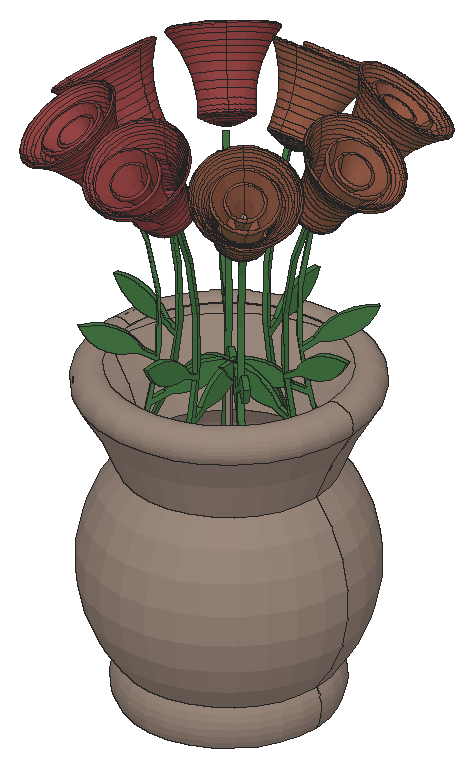
Revit family
Parameters
  Vase = Vase
  Subcategory = "Residential - Décor"  # constant formula
  SmartBIM Object Version = 3  # constant formula
  SmartBIM Object Created By = "SMARTBIM, LLC"  # constant formula
  Manufacturer = "SMARTBIM"
  Flowers Set -1 = Flower Red
  Flower Set -II = Flower Pink
  Default Elevation = 4' - 0"
  Assembly Code = "E2020200"
  95 CSI = "12460"  # constant formula
  04 CSI = "12 46 29"  # constant formula
Reference planes (in)
  plane 1 "Center (Front/Back)": y = 0
  plane 2: z = 0
  plane 3 "Center (Left/Right)": x = 0
Forms (in)
  Revolve 1, solid, material "Vase" <- "Vase"
    sketch origin (0, 0, 0) x (1, 0, 0) y (0, 0, 1)
      loop
        line (0, 0) -> (3.875, 0)
        arc (3.875, 0) -> (4.09742, 0.80144) -> (3.875, 1.60289) r 1.5551
        arc (3.875, 1.60289) -> (5.29628, 5.35289) -> (3.875, 9.10289) r 5.65775
        arc (3.875, 9.10289) -> (4.52035, 10.60325) -> (5.3586, 12.005) r 12.3134
        arc (5.3586, 12.005) -> (5.27532, 12.91971) -> (4.35945, 12.98906) r 0.71101
        line (4.35945, 12.98906) -> (4.43234, 12.91617)
        arc (4.43234, 12.91617) -> (5.20992, 12.84148) -> (5.27527, 12.06306) r 0.60944
        arc (5.27527, 12.06306) -> (4.41631, 10.62278) -> (3.7593, 9.07988) r 12.41496
        arc (3.7593, 9.07988) -> (5.19472, 5.34444) -> (3.74795, 1.61338) r 5.55619
        arc (3.74795, 1.61338) -> (3.99438, 0.86706) -> (3.81627, 0.10156) r 1.45353
        line (3.81627, 0.10156) -> (0.10156, 0.10156) -> (0.10156, 13) -> (0, 13) -> (0, 0)
      axis (0, 0) -> (0, 13)
    angle from 0 to 360
  Revolve 2, solid, material "Flower Pink" <- "Flower Set -II"
    sketch origin (-15.62434, 0, -6.30423) x (0.809017, 0, -0.587785) y (0.587785, 0, 0.809017)
      loop
        arc (2, 36.04238) -> (1.99639, 36.06491) -> (1.98591, 36.08518) r 0.07202
        arc (1.98591, 36.08518) -> (1.96042, 36.10669) -> (1.92798, 36.11441) r 0.07202
        arc (1.92798, 36.11441) -> (1.90053, 36.08216) -> (1.8734, 36.04964) r 4.29633
        arc (1.8734, 36.04964) -> (1.83714, 36.00514) -> (1.80149, 35.96016) r 4.29633
        arc (1.80149, 35.96016) -> (1.75101, 35.89431) -> (1.70183, 35.8275) r 4.29633
        arc (1.70183, 35.8275) -> (1.66007, 35.76859) -> (1.61931, 35.70899) r 4.29633
        arc (1.61931, 35.70899) -> (1.56244, 35.62206) -> (1.50769, 35.53377) r 4.29633
        arc (1.50769, 35.53377) -> (1.46026, 35.45322) -> (1.41459, 35.37165) r 4.29633
        arc (1.41459, 35.37165) -> (1.37065, 35.28899) -> (1.32851, 35.20538) r 4.29633
        arc (1.32851, 35.20538) -> (1.28706, 35.11839) -> (1.24756, 35.03049) r 4.29633
        arc (1.24756, 35.03049) -> (1.19904, 34.91458) -> (1.15393, 34.7973) r 4.29633
        arc (1.15393, 34.7973) -> (1.13445, 34.74325) -> (1.1157, 34.68895) r 4.29633
        arc (1.1157, 34.68895) -> (1.09454, 34.62465) -> (1.07439, 34.56004) r 4.29633
        arc (1.07439, 34.56004) -> (1.03912, 34.43712) -> (1.00753, 34.31321) r 4.29633
        arc (1.00753, 34.31321) -> (0.98068, 34.19344) -> (0.95727, 34.07295) r 4.29633
        arc (0.95727, 34.07295) -> (0.94325, 33.99025) -> (0.93085, 33.90729) r 4.29633
        arc (0.93085, 33.90729) -> (0.91925, 33.81712) -> (0.90955, 33.72673) r 4.29633
        arc (0.90955, 33.72673) -> (0.90167, 33.6348) -> (0.89576, 33.54273) r 4.29633
        arc (0.89576, 33.54273) -> (0.89175, 33.44792) -> (0.88983, 33.35305) r 4.29633
        arc (0.88983, 33.35305) -> (0.88997, 33.26131) -> (0.89207, 33.1696) r 4.29633
        arc (0.89207, 33.1696) -> (0.89332, 33.13625) -> (0.89483, 33.10291) r 4.29633
        arc (0.89483, 33.10291) -> (0.86697, 33.08919) -> (0.83901, 33.07569) r 4.05101
        arc (0.83901, 33.07569) -> (0.78259, 33.04924) -> (0.72576, 33.02367) r 4.05101
        arc (0.72576, 33.02367) -> (0.64859, 32.99059) -> (0.57075, 32.95912) r 4.05101
        arc (0.57075, 32.95912) -> (0.48741, 32.92749) -> (0.4034, 32.89769) r 4.05101
        arc (0.4034, 32.89769) -> (0.32843, 32.87284) -> (0.25299, 32.84946) r 4.05101
        arc (0.25299, 32.84946) -> (0.17518, 32.82702) -> (0.09694, 32.80613) r 4.05101
        arc (0.09694, 32.80613) -> (0.04854, 32.79405) -> (0, 32.78256) r 4.05101
        line (0, 32.78256) -> (0, 32.67841)
        arc (0, 32.67841) -> (0.06357, 32.69319) -> (0.12689, 32.70897) r 4.15257
        arc (0.12689, 32.70897) -> (0.16011, 32.71767) -> (0.19326, 32.72664) r 4.15257
        arc (0.19326, 32.72664) -> (0.25288, 32.74353) -> (0.31224, 32.76131) r 4.15257
        arc (0.31224, 32.76131) -> (0.35989, 32.77627) -> (0.40735, 32.79181) r 4.15257
        arc (0.40735, 32.79181) -> (0.45341, 32.80751) -> (0.4993, 32.82374) r 4.15257
        arc (0.4993, 32.82374) -> (0.57778, 32.85292) -> (0.65567, 32.88368) r 4.15257
        arc (0.65567, 32.88368) -> (0.72275, 32.91164) -> (0.78934, 32.94078) r 4.15257
        arc (0.78934, 32.94078) -> (0.81478, 32.95228) -> (0.84015, 32.96396) r 4.15257
        arc (0.84015, 32.96396) -> (0.88912, 32.98708) -> (0.93779, 33.01085) r 4.15257
        arc (0.93779, 33.01085) -> (0.96896, 33.02649) -> (1, 33.04238) r 4.15257
        arc (1, 33.04238) -> (0.99862, 33.06461) -> (0.99735, 33.08685) r 4.19477
        arc (0.99735, 33.08685) -> (0.99516, 33.13192) -> (0.99344, 33.17702) r 4.19477
        arc (0.99344, 33.17702) -> (0.9916, 33.25687) -> (0.99128, 33.33675) r 4.19477
        arc (0.99128, 33.33675) -> (0.99343, 33.45003) -> (0.99864, 33.56322) r 4.19477
        arc (0.99864, 33.56322) -> (1.01309, 33.74154) -> (1.03513, 33.91908) r 4.19477
        arc (1.03513, 33.91908) -> (1.0576, 34.05706) -> (1.08466, 34.19421) r 4.19477
        arc (1.08466, 34.19421) -> (1.12011, 34.3456) -> (1.16115, 34.49557) r 4.19477
        arc (1.16115, 34.49557) -> (1.21585, 34.66801) -> (1.27793, 34.83793) r 4.19477
        arc (1.27793, 34.83793) -> (1.33175, 34.96931) -> (1.38999, 35.0988) r 4.19477
        arc (1.38999, 35.0988) -> (1.44709, 35.21549) -> (1.50777, 35.33036) r 4.19477
        arc (1.50777, 35.33036) -> (1.5607, 35.42403) -> (1.61601, 35.51631) r 4.19477
        arc (1.61601, 35.51631) -> (1.6938, 35.63766) -> (1.7757, 35.75628) r 4.19477
        arc (1.7757, 35.75628) -> (1.83604, 35.83839) -> (1.89835, 35.91902) r 4.19477
        arc (1.89835, 35.91902) -> (1.94859, 35.98118) -> (2, 36.04238) r 4.19477
      axis (0, 32.67841) -> (0, 36.11441)
    angle from 0 to 360
  Revolve 3, solid, material "Flower Pink" <- "Flower Set -II"
    sketch origin (-15.37434, 0, -6.30423) x (0.809017, 0, -0.587785) y (0.587785, 0, 0.809017)
      loop
        arc (1.23594, 35.79819) -> (1.22567, 35.86323) -> (1.1605, 35.87263) r 0.05546
        arc (1.1605, 35.87263) -> (0.7324, 34.7401) -> (0.61202, 33.53536) r 4.63792
        arc (0.61202, 33.53536) -> (0.34476, 33.29826) -> (0, 33.20453) r 0.78324
        line (0, 33.20453) -> (0, 33.10291)
        arc (0, 33.10291) -> (0.40686, 33.21654) -> (0.71467, 33.50586) r 0.88481
        arc (0.71467, 33.50586) -> (0.82423, 34.68638) -> (1.23594, 35.79819) r 4.53636
      axis (0, 33.10291) -> (0, 35.87263)
    angle from 0 to 360
  Revolve 4, solid, material "Flower Pink" <- "Flower Set -II"
    sketch origin (-15.37434, 0, -6.30423) x (0.809017, 0, -0.587785) y (0.587785, 0, 0.809017)
      loop
        arc (0.69484, 35.60258) -> (0.68468, 35.66765) -> (0.61948, 35.67691) r 0.05533
        arc (0.61948, 35.67691) -> (0.24337, 34.7392) -> (0.09092, 33.74045) r 4.40274
        arc (0.09092, 33.74045) -> (0.02895, 33.69285) -> (-0.04006, 33.65617) r 0.4704
        line (-0.04006, 33.65617) -> (-0.04006, 33.5474)
        arc (-0.04006, 33.5474) -> (0.08466, 33.60793) -> (0.19114, 33.69668) r 0.57196
        arc (0.19114, 33.69668) -> (0.33233, 34.67888) -> (0.69484, 35.60258) r 4.30118
      axis (-0.04006, 33.5474) -> (-0.04006, 35.67691)
    angle from 0 to 360
  Revolve 5, solid
    sketch origin (-15.37434, 0, -6.30423) x (0.809017, 0, -0.587785) y (0.587785, 0, 0.809017)
      loop
        line (-0.04006, 33.74045) -> (0.03728, 33.74045) -> (0.03728, 34.3167)
        arc (0.03728, 34.3167) -> (0.03538, 34.46074) -> (-0.04006, 34.58346) r 0.27101
        line (-0.04006, 34.58346) -> (-0.04006, 33.74045)
      axis (-0.04006, 33.74045) -> (-0.04006, 34.58346)
    angle from 0 to 360
  Extrusion 6, solid, material "Leaves"
    sketch origin (2.90587, 0, -13.31086) x (1, 0, 0) y (0, 0, 1)
      loop
        line (0.705, 33.42964) -> (0.62867, 33.50597)
        arc (0.62867, 33.50597) -> (-0.53126, 29.37948) -> (-0.27295, 25.10084) r 12.88106
        line (-0.27295, 25.10084) -> (-0.71852, 25.3581)
        arc (-0.71852, 25.3581) -> (-1.68232, 26.26274) -> (-2.99268, 26.4366) r 2.16036
        arc (-2.99268, 26.4366) -> (-2.17388, 25.49091) -> (-0.94548, 25.25465) r 1.91016
        line (-0.94548, 25.25465) -> (-0.21653, 24.86706)
        arc (-0.21653, 24.86706) -> (-0.15719, 24.63965) -> (-0.0937, 24.41335) r 12.88106
        arc (-0.0937, 24.41335) -> (0.99935, 21.48762) -> (0.89338, 18.36617) r 8.02922
        line (0.89338, 18.36617) -> (0.97772, 18.28184)
        arc (0.97772, 18.28184) -> (1.10569, 21.46606) -> (0, 24.45489) r 8.13078
        arc (0, 24.45489) -> (-0.25608, 25.5047) -> (-0.42256, 26.57239) r 12.7795
        line (-0.42256, 26.57239) -> (0.22696, 26.94739)
        arc (0.22696, 26.94739) -> (1.45535, 27.18364) -> (2.27416, 28.12934) r 1.91016
        arc (2.27416, 28.12934) -> (0.9638, 27.95547) -> (0, 27.05083) r 2.16036
        line (0, 27.05083) -> (-0.44557, 26.79358)
        arc (-0.44557, 26.79358) -> (-0.31532, 30.18877) -> (0.705, 33.42964) r 12.7795
    from -0.20024 to 0
  Revolve 7, solid, material "Flower Pink" <- "Flower Set -II"
    sketch origin (0.20024, -16.05967, -6.30423) x (0, 0.809017, -0.587785) y (0, 0.587785, 0.809017)
      loop
        arc (2, 36.04238) -> (1.99639, 36.06491) -> (1.98591, 36.08518) r 0.07202
        arc (1.98591, 36.08518) -> (1.96042, 36.10669) -> (1.92798, 36.11441) r 0.07202
        arc (1.92798, 36.11441) -> (1.90053, 36.08216) -> (1.8734, 36.04964) r 4.29633
        arc (1.8734, 36.04964) -> (1.83714, 36.00514) -> (1.80149, 35.96016) r 4.29633
        arc (1.80149, 35.96016) -> (1.75101, 35.89431) -> (1.70183, 35.8275) r 4.29633
        arc (1.70183, 35.8275) -> (1.66007, 35.76859) -> (1.61931, 35.70899) r 4.29633
        arc (1.61931, 35.70899) -> (1.56244, 35.62206) -> (1.50769, 35.53377) r 4.29633
        arc (1.50769, 35.53377) -> (1.46026, 35.45322) -> (1.41459, 35.37165) r 4.29633
        arc (1.41459, 35.37165) -> (1.37065, 35.28899) -> (1.32851, 35.20538) r 4.29633
        arc (1.32851, 35.20538) -> (1.28706, 35.11839) -> (1.24756, 35.03049) r 4.29633
        arc (1.24756, 35.03049) -> (1.19904, 34.91458) -> (1.15393, 34.7973) r 4.29633
        arc (1.15393, 34.7973) -> (1.13445, 34.74325) -> (1.1157, 34.68895) r 4.29633
        arc (1.1157, 34.68895) -> (1.09454, 34.62465) -> (1.07439, 34.56004) r 4.29633
        arc (1.07439, 34.56004) -> (1.03912, 34.43712) -> (1.00753, 34.31321) r 4.29633
        arc (1.00753, 34.31321) -> (0.98068, 34.19344) -> (0.95727, 34.07295) r 4.29633
        arc (0.95727, 34.07295) -> (0.94325, 33.99025) -> (0.93085, 33.90729) r 4.29633
        arc (0.93085, 33.90729) -> (0.91925, 33.81712) -> (0.90955, 33.72673) r 4.29633
        arc (0.90955, 33.72673) -> (0.90167, 33.6348) -> (0.89576, 33.54273) r 4.29633
        arc (0.89576, 33.54273) -> (0.89175, 33.44792) -> (0.88983, 33.35305) r 4.29633
        arc (0.88983, 33.35305) -> (0.88997, 33.26131) -> (0.89207, 33.1696) r 4.29633
        arc (0.89207, 33.1696) -> (0.89332, 33.13625) -> (0.89483, 33.10291) r 4.29633
        arc (0.89483, 33.10291) -> (0.86697, 33.08919) -> (0.83901, 33.07569) r 4.05101
        arc (0.83901, 33.07569) -> (0.78259, 33.04924) -> (0.72576, 33.02367) r 4.05101
        arc (0.72576, 33.02367) -> (0.64859, 32.99059) -> (0.57075, 32.95912) r 4.05101
        arc (0.57075, 32.95912) -> (0.48741, 32.92749) -> (0.4034, 32.89769) r 4.05101
        arc (0.4034, 32.89769) -> (0.32843, 32.87284) -> (0.25299, 32.84946) r 4.05101
        arc (0.25299, 32.84946) -> (0.17518, 32.82702) -> (0.09694, 32.80613) r 4.05101
        arc (0.09694, 32.80613) -> (0.04854, 32.79405) -> (0, 32.78256) r 4.05101
        line (0, 32.78256) -> (0, 32.67841)
        arc (0, 32.67841) -> (0.06357, 32.69319) -> (0.12689, 32.70897) r 4.15257
        arc (0.12689, 32.70897) -> (0.16011, 32.71767) -> (0.19326, 32.72664) r 4.15257
        arc (0.19326, 32.72664) -> (0.25288, 32.74353) -> (0.31224, 32.76131) r 4.15257
        arc (0.31224, 32.76131) -> (0.35989, 32.77627) -> (0.40735, 32.79181) r 4.15257
        arc (0.40735, 32.79181) -> (0.45341, 32.80751) -> (0.4993, 32.82374) r 4.15257
        arc (0.4993, 32.82374) -> (0.57778, 32.85292) -> (0.65567, 32.88368) r 4.15257
        arc (0.65567, 32.88368) -> (0.72275, 32.91164) -> (0.78934, 32.94078) r 4.15257
        arc (0.78934, 32.94078) -> (0.81478, 32.95228) -> (0.84015, 32.96396) r 4.15257
        arc (0.84015, 32.96396) -> (0.88912, 32.98708) -> (0.93779, 33.01085) r 4.15257
        arc (0.93779, 33.01085) -> (0.96896, 33.02649) -> (1, 33.04238) r 4.15257
        arc (1, 33.04238) -> (0.99862, 33.06461) -> (0.99735, 33.08685) r 4.19477
        arc (0.99735, 33.08685) -> (0.99516, 33.13192) -> (0.99344, 33.17702) r 4.19477
        arc (0.99344, 33.17702) -> (0.9916, 33.25687) -> (0.99128, 33.33675) r 4.19477
        arc (0.99128, 33.33675) -> (0.99343, 33.45003) -> (0.99864, 33.56322) r 4.19477
        arc (0.99864, 33.56322) -> (1.01309, 33.74154) -> (1.03513, 33.91908) r 4.19477
        arc (1.03513, 33.91908) -> (1.0576, 34.05706) -> (1.08466, 34.19421) r 4.19477
        arc (1.08466, 34.19421) -> (1.12011, 34.3456) -> (1.16115, 34.49557) r 4.19477
        arc (1.16115, 34.49557) -> (1.21585, 34.66801) -> (1.27793, 34.83793) r 4.19477
        arc (1.27793, 34.83793) -> (1.33175, 34.96931) -> (1.38999, 35.0988) r 4.19477
        arc (1.38999, 35.0988) -> (1.44709, 35.21549) -> (1.50777, 35.33036) r 4.19477
        arc (1.50777, 35.33036) -> (1.5607, 35.42403) -> (1.61601, 35.51631) r 4.19477
        arc (1.61601, 35.51631) -> (1.6938, 35.63766) -> (1.7757, 35.75628) r 4.19477
        arc (1.7757, 35.75628) -> (1.83604, 35.83839) -> (1.89835, 35.91902) r 4.19477
        arc (1.89835, 35.91902) -> (1.94859, 35.98118) -> (2, 36.04238) r 4.19477
      axis (0, 32.67841) -> (0, 36.11441)
    angle from 0 to 360
  Revolve 8, solid, material "Flower Pink" <- "Flower Set -II"
    sketch origin (0.20024, -15.30967, -6.30423) x (0, 0.809017, -0.587785) y (0, 0.587785, 0.809017)
      loop
        arc (1.23594, 35.79819) -> (1.22567, 35.86323) -> (1.1605, 35.87263) r 0.05546
        arc (1.1605, 35.87263) -> (0.7324, 34.7401) -> (0.61202, 33.53536) r 4.63792
        arc (0.61202, 33.53536) -> (0.34476, 33.29826) -> (0, 33.20453) r 0.78324
        line (0, 33.20453) -> (0, 33.10291)
        arc (0, 33.10291) -> (0.40686, 33.21654) -> (0.71467, 33.50586) r 0.88481
        arc (0.71467, 33.50586) -> (0.82423, 34.68638) -> (1.23594, 35.79819) r 4.53636
      axis (0, 33.10291) -> (0, 35.87263)
    angle from 0 to 360
  Revolve 9, solid, material "Flower Pink" <- "Flower Set -II"
    sketch origin (0.20024, -15.30967, -6.30423) x (0, 0.809017, -0.587785) y (0, 0.587785, 0.809017)
      loop
        arc (0.69484, 35.60258) -> (0.68468, 35.66765) -> (0.61948, 35.67691) r 0.05533
        arc (0.61948, 35.67691) -> (0.24337, 34.7392) -> (0.09092, 33.74045) r 4.40274
        arc (0.09092, 33.74045) -> (0.02895, 33.69285) -> (-0.04006, 33.65617) r 0.4704
        line (-0.04006, 33.65617) -> (-0.04006, 33.5474)
        arc (-0.04006, 33.5474) -> (0.08466, 33.60793) -> (0.19114, 33.69668) r 0.57196
        arc (0.19114, 33.69668) -> (0.33233, 34.67888) -> (0.69484, 35.60258) r 4.30118
      axis (-0.04006, 33.5474) -> (-0.04006, 35.67691)
    angle from 0 to 360
  Revolve 10, solid, material "Flower Pink" <- "Flower Set -II"
    sketch origin (0.20024, -15.30967, -6.30423) x (0, 0.809017, -0.587785) y (0, 0.587785, 0.809017)
      loop
        line (-0.04006, 33.74045) -> (0.03728, 33.74045) -> (0.03728, 34.3167)
        arc (0.03728, 34.3167) -> (0.03538, 34.46074) -> (-0.04006, 34.58346) r 0.27101
        line (-0.04006, 34.58346) -> (-0.04006, 33.74045)
      axis (-0.04006, 33.74045) -> (-0.04006, 34.58346)
    angle from 0 to 360
  Extrusion 11, solid, material "Leaves"
    sketch origin (0.20024, 2.47053, -13.31086) x (0, 1, 0) y (0, 0, 1)
      loop
        line (0.705, 33.42964) -> (0.62867, 33.50597)
        arc (0.62867, 33.50597) -> (-0.53126, 29.37948) -> (-0.27295, 25.10084) r 12.88106
        line (-0.27295, 25.10084) -> (-0.71852, 25.3581)
        arc (-0.71852, 25.3581) -> (-1.68232, 26.26274) -> (-2.99268, 26.4366) r 2.16036
        arc (-2.99268, 26.4366) -> (-2.17388, 25.49091) -> (-0.94548, 25.25465) r 1.91016
        line (-0.94548, 25.25465) -> (-0.21653, 24.86706)
        arc (-0.21653, 24.86706) -> (-0.15719, 24.63965) -> (-0.0937, 24.41335) r 12.88106
        arc (-0.0937, 24.41335) -> (0.99935, 21.48762) -> (0.89338, 18.36617) r 8.02922
        line (0.89338, 18.36617) -> (0.97772, 18.28184)
        arc (0.97772, 18.28184) -> (1.10569, 21.46606) -> (0, 24.45489) r 8.13078
        arc (0, 24.45489) -> (-0.25608, 25.5047) -> (-0.42256, 26.57239) r 12.7795
        line (-0.42256, 26.57239) -> (0.22696, 26.94739)
        arc (0.22696, 26.94739) -> (1.45535, 27.18364) -> (2.27416, 28.12934) r 1.91016
        arc (2.27416, 28.12934) -> (0.9638, 27.95547) -> (0, 27.05083) r 2.16036
        line (0, 27.05083) -> (-0.44557, 26.79358)
        arc (-0.44557, 26.79358) -> (-0.31532, 30.18877) -> (0.705, 33.42964) r 12.7795
    from -0.20024 to 0
  Revolve 12, solid, material "Flower Red" <- "Flowers Set -1"
    sketch origin (-0.01219, 16.13427, -6.30423) x (0, -0.809017, -0.587785) y (0, -0.587785, 0.809017)
      loop
        arc (2, 36.04238) -> (1.99639, 36.06491) -> (1.98591, 36.08518) r 0.07202
        arc (1.98591, 36.08518) -> (1.96042, 36.10669) -> (1.92798, 36.11441) r 0.07202
        arc (1.92798, 36.11441) -> (1.90053, 36.08216) -> (1.8734, 36.04964) r 4.29633
        arc (1.8734, 36.04964) -> (1.83714, 36.00514) -> (1.80149, 35.96016) r 4.29633
        arc (1.80149, 35.96016) -> (1.75101, 35.89431) -> (1.70183, 35.8275) r 4.29633
        arc (1.70183, 35.8275) -> (1.66007, 35.76859) -> (1.61931, 35.70899) r 4.29633
        arc (1.61931, 35.70899) -> (1.56244, 35.62206) -> (1.50769, 35.53377) r 4.29633
        arc (1.50769, 35.53377) -> (1.46026, 35.45322) -> (1.41459, 35.37165) r 4.29633
        arc (1.41459, 35.37165) -> (1.37065, 35.28899) -> (1.32851, 35.20538) r 4.29633
        arc (1.32851, 35.20538) -> (1.28706, 35.11839) -> (1.24756, 35.03049) r 4.29633
        arc (1.24756, 35.03049) -> (1.19904, 34.91458) -> (1.15393, 34.7973) r 4.29633
        arc (1.15393, 34.7973) -> (1.13445, 34.74325) -> (1.1157, 34.68895) r 4.29633
        arc (1.1157, 34.68895) -> (1.09454, 34.62465) -> (1.07439, 34.56004) r 4.29633
        arc (1.07439, 34.56004) -> (1.03912, 34.43712) -> (1.00753, 34.31321) r 4.29633
        arc (1.00753, 34.31321) -> (0.98068, 34.19344) -> (0.95727, 34.07295) r 4.29633
        arc (0.95727, 34.07295) -> (0.94325, 33.99025) -> (0.93085, 33.90729) r 4.29633
        arc (0.93085, 33.90729) -> (0.91925, 33.81712) -> (0.90955, 33.72673) r 4.29633
        arc (0.90955, 33.72673) -> (0.90167, 33.6348) -> (0.89576, 33.54273) r 4.29633
        arc (0.89576, 33.54273) -> (0.89175, 33.44792) -> (0.88983, 33.35305) r 4.29633
        arc (0.88983, 33.35305) -> (0.88997, 33.26131) -> (0.89207, 33.1696) r 4.29633
        arc (0.89207, 33.1696) -> (0.89332, 33.13625) -> (0.89483, 33.10291) r 4.29633
        arc (0.89483, 33.10291) -> (0.86697, 33.08919) -> (0.83901, 33.07569) r 4.05101
        arc (0.83901, 33.07569) -> (0.78259, 33.04924) -> (0.72576, 33.02367) r 4.05101
        arc (0.72576, 33.02367) -> (0.64859, 32.99059) -> (0.57075, 32.95912) r 4.05101
        arc (0.57075, 32.95912) -> (0.48741, 32.92749) -> (0.4034, 32.89769) r 4.05101
        arc (0.4034, 32.89769) -> (0.32843, 32.87284) -> (0.25299, 32.84946) r 4.05101
        arc (0.25299, 32.84946) -> (0.17518, 32.82702) -> (0.09694, 32.80613) r 4.05101
        arc (0.09694, 32.80613) -> (0.04854, 32.79405) -> (0, 32.78256) r 4.05101
        line (0, 32.78256) -> (0, 32.67841)
        arc (0, 32.67841) -> (0.06357, 32.69319) -> (0.12689, 32.70897) r 4.15257
        arc (0.12689, 32.70897) -> (0.16011, 32.71767) -> (0.19326, 32.72664) r 4.15257
        arc (0.19326, 32.72664) -> (0.25288, 32.74353) -> (0.31224, 32.76131) r 4.15257
        arc (0.31224, 32.76131) -> (0.35989, 32.77627) -> (0.40735, 32.79181) r 4.15257
        arc (0.40735, 32.79181) -> (0.45341, 32.80751) -> (0.4993, 32.82374) r 4.15257
        arc (0.4993, 32.82374) -> (0.57778, 32.85292) -> (0.65567, 32.88368) r 4.15257
        arc (0.65567, 32.88368) -> (0.72275, 32.91164) -> (0.78934, 32.94078) r 4.15257
        arc (0.78934, 32.94078) -> (0.81478, 32.95228) -> (0.84015, 32.96396) r 4.15257
        arc (0.84015, 32.96396) -> (0.88912, 32.98708) -> (0.93779, 33.01085) r 4.15257
        arc (0.93779, 33.01085) -> (0.96896, 33.02649) -> (1, 33.04238) r 4.15257
        arc (1, 33.04238) -> (0.99862, 33.06461) -> (0.99735, 33.08685) r 4.19477
        arc (0.99735, 33.08685) -> (0.99516, 33.13192) -> (0.99344, 33.17702) r 4.19477
        arc (0.99344, 33.17702) -> (0.9916, 33.25687) -> (0.99128, 33.33675) r 4.19477
        arc (0.99128, 33.33675) -> (0.99343, 33.45003) -> (0.99864, 33.56322) r 4.19477
        arc (0.99864, 33.56322) -> (1.01309, 33.74154) -> (1.03513, 33.91908) r 4.19477
        arc (1.03513, 33.91908) -> (1.0576, 34.05706) -> (1.08466, 34.19421) r 4.19477
        arc (1.08466, 34.19421) -> (1.12011, 34.3456) -> (1.16115, 34.49557) r 4.19477
        arc (1.16115, 34.49557) -> (1.21585, 34.66801) -> (1.27793, 34.83793) r 4.19477
        arc (1.27793, 34.83793) -> (1.33175, 34.96931) -> (1.38999, 35.0988) r 4.19477
        arc (1.38999, 35.0988) -> (1.44709, 35.21549) -> (1.50777, 35.33036) r 4.19477
        arc (1.50777, 35.33036) -> (1.5607, 35.42403) -> (1.61601, 35.51631) r 4.19477
        arc (1.61601, 35.51631) -> (1.6938, 35.63766) -> (1.7757, 35.75628) r 4.19477
        arc (1.7757, 35.75628) -> (1.83604, 35.83839) -> (1.89835, 35.91902) r 4.19477
        arc (1.89835, 35.91902) -> (1.94859, 35.98118) -> (2, 36.04238) r 4.19477
      axis (0, 32.67841) -> (0, 36.11441)
    angle from 0 to 360
  Revolve 13, solid, material "Flower Red" <- "Flowers Set -1"
    sketch origin (-0.01219, 15.50927, -6.30423) x (0, -0.809017, -0.587785) y (0, -0.587785, 0.809017)
      loop
        arc (1.23594, 35.79819) -> (1.22567, 35.86323) -> (1.1605, 35.87263) r 0.05546
        arc (1.1605, 35.87263) -> (0.7324, 34.7401) -> (0.61202, 33.53536) r 4.63792
        arc (0.61202, 33.53536) -> (0.34476, 33.29826) -> (0, 33.20453) r 0.78324
        line (0, 33.20453) -> (0, 33.10291)
        arc (0, 33.10291) -> (0.40686, 33.21654) -> (0.71467, 33.50586) r 0.88481
        arc (0.71467, 33.50586) -> (0.82423, 34.68638) -> (1.23594, 35.79819) r 4.53636
      axis (0, 33.10291) -> (0, 35.87263)
    angle from 0 to 360
  Revolve 14, solid, material "Flower Red" <- "Flowers Set -1"
    sketch origin (-0.01219, 15.50927, -6.30423) x (0, -0.809017, -0.587785) y (0, -0.587785, 0.809017)
      loop
        arc (0.69484, 35.60258) -> (0.68468, 35.66765) -> (0.61948, 35.67691) r 0.05533
        arc (0.61948, 35.67691) -> (0.24337, 34.7392) -> (0.09092, 33.74045) r 4.40274
        arc (0.09092, 33.74045) -> (0.02895, 33.69285) -> (-0.04006, 33.65617) r 0.4704
        line (-0.04006, 33.65617) -> (-0.04006, 33.5474)
        arc (-0.04006, 33.5474) -> (0.08466, 33.60793) -> (0.19114, 33.69668) r 0.57196
        arc (0.19114, 33.69668) -> (0.33233, 34.67888) -> (0.69484, 35.60258) r 4.30118
      axis (-0.04006, 33.5474) -> (-0.04006, 35.67691)
    angle from 0 to 360
  Revolve 15, solid
    sketch origin (-0.01219, 15.50927, -6.30423) x (0, -0.809017, -0.587785) y (0, -0.587785, 0.809017)
      loop
        line (-0.04006, 33.74045) -> (0.03728, 33.74045) -> (0.03728, 34.3167)
        arc (0.03728, 34.3167) -> (0.03538, 34.46074) -> (-0.04006, 34.58346) r 0.27101
        line (-0.04006, 34.58346) -> (-0.04006, 33.74045)
      axis (-0.04006, 33.74045) -> (-0.04006, 34.58346)
    angle from 0 to 360
  Extrusion 16, solid, material "Leaves"
    sketch origin (-0.01219, -2.39593, -13.31086) x (0, -1, 0) y (0, 0, 1)
      loop
        line (0.705, 33.42964) -> (0.62867, 33.50597)
        arc (0.62867, 33.50597) -> (-0.53126, 29.37948) -> (-0.27295, 25.10084) r 12.88106
        line (-0.27295, 25.10084) -> (-0.71852, 25.3581)
        arc (-0.71852, 25.3581) -> (-1.68232, 26.26274) -> (-2.99268, 26.4366) r 2.16036
        arc (-2.99268, 26.4366) -> (-2.17388, 25.49091) -> (-0.94548, 25.25465) r 1.91016
        line (-0.94548, 25.25465) -> (-0.21653, 24.86706)
        arc (-0.21653, 24.86706) -> (-0.15719, 24.63965) -> (-0.0937, 24.41335) r 12.88106
        arc (-0.0937, 24.41335) -> (0.99935, 21.48762) -> (0.89338, 18.36617) r 8.02922
        line (0.89338, 18.36617) -> (0.97772, 18.28184)
        arc (0.97772, 18.28184) -> (1.10569, 21.46606) -> (0, 24.45489) r 8.13078
        arc (0, 24.45489) -> (-0.25608, 25.5047) -> (-0.42256, 26.57239) r 12.7795
        line (-0.42256, 26.57239) -> (0.22696, 26.94739)
        arc (0.22696, 26.94739) -> (1.45535, 27.18364) -> (2.27416, 28.12934) r 1.91016
        arc (2.27416, 28.12934) -> (0.9638, 27.95547) -> (0, 27.05083) r 2.16036
        line (0, 27.05083) -> (-0.44557, 26.79358)
        arc (-0.44557, 26.79358) -> (-0.31532, 30.18877) -> (0.705, 33.42964) r 12.7795
    from -0.20024 to 0
  Revolve 17, solid, material "Flower Red" <- "Flowers Set -1"
    sketch origin (10.58102, -10.96692, -6.30423) x (-0.551748, 0.591678, -0.587785) y (-0.400869, 0.429879, 0.809017)
      loop
        arc (2, 36.04238) -> (1.99639, 36.06491) -> (1.98591, 36.08518) r 0.07202
        arc (1.98591, 36.08518) -> (1.96042, 36.10669) -> (1.92798, 36.11441) r 0.07202
        arc (1.92798, 36.11441) -> (1.90053, 36.08216) -> (1.8734, 36.04964) r 4.29633
        arc (1.8734, 36.04964) -> (1.83714, 36.00514) -> (1.80149, 35.96016) r 4.29633
        arc (1.80149, 35.96016) -> (1.75101, 35.89431) -> (1.70183, 35.8275) r 4.29633
        arc (1.70183, 35.8275) -> (1.66007, 35.76859) -> (1.61931, 35.70899) r 4.29633
        arc (1.61931, 35.70899) -> (1.56244, 35.62206) -> (1.50769, 35.53377) r 4.29633
        arc (1.50769, 35.53377) -> (1.46026, 35.45322) -> (1.41459, 35.37165) r 4.29633
        arc (1.41459, 35.37165) -> (1.37065, 35.28899) -> (1.32851, 35.20538) r 4.29633
        arc (1.32851, 35.20538) -> (1.28706, 35.11839) -> (1.24756, 35.03049) r 4.29633
        arc (1.24756, 35.03049) -> (1.19904, 34.91458) -> (1.15393, 34.7973) r 4.29633
        arc (1.15393, 34.7973) -> (1.13445, 34.74325) -> (1.1157, 34.68895) r 4.29633
        arc (1.1157, 34.68895) -> (1.09454, 34.62465) -> (1.07439, 34.56004) r 4.29633
        arc (1.07439, 34.56004) -> (1.03912, 34.43712) -> (1.00753, 34.31321) r 4.29633
        arc (1.00753, 34.31321) -> (0.98068, 34.19344) -> (0.95727, 34.07295) r 4.29633
        arc (0.95727, 34.07295) -> (0.94325, 33.99025) -> (0.93085, 33.90729) r 4.29633
        arc (0.93085, 33.90729) -> (0.91925, 33.81712) -> (0.90955, 33.72673) r 4.29633
        arc (0.90955, 33.72673) -> (0.90167, 33.6348) -> (0.89576, 33.54273) r 4.29633
        arc (0.89576, 33.54273) -> (0.89175, 33.44792) -> (0.88983, 33.35305) r 4.29633
        arc (0.88983, 33.35305) -> (0.88997, 33.26131) -> (0.89207, 33.1696) r 4.29633
        arc (0.89207, 33.1696) -> (0.89332, 33.13625) -> (0.89483, 33.10291) r 4.29633
        arc (0.89483, 33.10291) -> (0.86697, 33.08919) -> (0.83901, 33.07569) r 4.05101
        arc (0.83901, 33.07569) -> (0.78259, 33.04924) -> (0.72576, 33.02367) r 4.05101
        arc (0.72576, 33.02367) -> (0.64859, 32.99059) -> (0.57075, 32.95912) r 4.05101
        arc (0.57075, 32.95912) -> (0.48741, 32.92749) -> (0.4034, 32.89769) r 4.05101
        arc (0.4034, 32.89769) -> (0.32843, 32.87284) -> (0.25299, 32.84946) r 4.05101
        arc (0.25299, 32.84946) -> (0.17518, 32.82702) -> (0.09694, 32.80613) r 4.05101
        arc (0.09694, 32.80613) -> (0.04854, 32.79405) -> (0, 32.78256) r 4.05101
        line (0, 32.78256) -> (0, 32.67841)
        arc (0, 32.67841) -> (0.06357, 32.69319) -> (0.12689, 32.70897) r 4.15257
        arc (0.12689, 32.70897) -> (0.16011, 32.71767) -> (0.19326, 32.72664) r 4.15257
        arc (0.19326, 32.72664) -> (0.25288, 32.74353) -> (0.31224, 32.76131) r 4.15257
        arc (0.31224, 32.76131) -> (0.35989, 32.77627) -> (0.40735, 32.79181) r 4.15257
        arc (0.40735, 32.79181) -> (0.45341, 32.80751) -> (0.4993, 32.82374) r 4.15257
        arc (0.4993, 32.82374) -> (0.57778, 32.85292) -> (0.65567, 32.88368) r 4.15257
        arc (0.65567, 32.88368) -> (0.72275, 32.91164) -> (0.78934, 32.94078) r 4.15257
        arc (0.78934, 32.94078) -> (0.81478, 32.95228) -> (0.84015, 32.96396) r 4.15257
        arc (0.84015, 32.96396) -> (0.88912, 32.98708) -> (0.93779, 33.01085) r 4.15257
        arc (0.93779, 33.01085) -> (0.96896, 33.02649) -> (1, 33.04238) r 4.15257
        arc (1, 33.04238) -> (0.99862, 33.06461) -> (0.99735, 33.08685) r 4.19477
        arc (0.99735, 33.08685) -> (0.99516, 33.13192) -> (0.99344, 33.17702) r 4.19477
        arc (0.99344, 33.17702) -> (0.9916, 33.25687) -> (0.99128, 33.33675) r 4.19477
        arc (0.99128, 33.33675) -> (0.99343, 33.45003) -> (0.99864, 33.56322) r 4.19477
        arc (0.99864, 33.56322) -> (1.01309, 33.74154) -> (1.03513, 33.91908) r 4.19477
        arc (1.03513, 33.91908) -> (1.0576, 34.05706) -> (1.08466, 34.19421) r 4.19477
        arc (1.08466, 34.19421) -> (1.12011, 34.3456) -> (1.16115, 34.49557) r 4.19477
        arc (1.16115, 34.49557) -> (1.21585, 34.66801) -> (1.27793, 34.83793) r 4.19477
        arc (1.27793, 34.83793) -> (1.33175, 34.96931) -> (1.38999, 35.0988) r 4.19477
        arc (1.38999, 35.0988) -> (1.44709, 35.21549) -> (1.50777, 35.33036) r 4.19477
        arc (1.50777, 35.33036) -> (1.5607, 35.42403) -> (1.61601, 35.51631) r 4.19477
        arc (1.61601, 35.51631) -> (1.6938, 35.63766) -> (1.7757, 35.75628) r 4.19477
        arc (1.7757, 35.75628) -> (1.83604, 35.83839) -> (1.89835, 35.91902) r 4.19477
        arc (1.89835, 35.91902) -> (1.94859, 35.98118) -> (2, 36.04238) r 4.19477
      axis (0, 32.67841) -> (0, 36.11441)
    angle from 0 to 360
  Revolve 18, solid, material "Flower Red" <- "Flowers Set -1"
    sketch origin (10.58102, -10.96692, -6.30423) x (-0.551748, 0.591678, -0.587785) y (-0.400869, 0.429879, 0.809017)
      loop
        arc (1.23594, 35.79819) -> (1.22567, 35.86323) -> (1.1605, 35.87263) r 0.05546
        arc (1.1605, 35.87263) -> (0.7324, 34.7401) -> (0.61202, 33.53536) r 4.63792
        arc (0.61202, 33.53536) -> (0.34476, 33.29826) -> (0, 33.20453) r 0.78324
        line (0, 33.20453) -> (0, 33.10291)
        arc (0, 33.10291) -> (0.40686, 33.21654) -> (0.71467, 33.50586) r 0.88481
        arc (0.71467, 33.50586) -> (0.82423, 34.68638) -> (1.23594, 35.79819) r 4.53636
      axis (0, 33.10291) -> (0, 35.87263)
    angle from 0 to 360
  Revolve 19, solid, material "Flower Red" <- "Flowers Set -1"
    sketch origin (10.58102, -10.96692, -6.30423) x (-0.551748, 0.591678, -0.587785) y (-0.400869, 0.429879, 0.809017)
      loop
        arc (0.69484, 35.60258) -> (0.68468, 35.66765) -> (0.61948, 35.67691) r 0.05533
        arc (0.61948, 35.67691) -> (0.24337, 34.7392) -> (0.09092, 33.74045) r 4.40274
        arc (0.09092, 33.74045) -> (0.02895, 33.69285) -> (-0.04006, 33.65617) r 0.4704
        line (-0.04006, 33.65617) -> (-0.04006, 33.5474)
        arc (-0.04006, 33.5474) -> (0.08466, 33.60793) -> (0.19114, 33.69668) r 0.57196
        arc (0.19114, 33.69668) -> (0.33233, 34.67888) -> (0.69484, 35.60258) r 4.30118
      axis (-0.04006, 33.5474) -> (-0.04006, 35.67691)
    angle from 0 to 360
  Revolve 20, solid, material "Flower Red" <- "Flowers Set -1"
    sketch origin (10.58102, -10.96692, -6.30423) x (-0.551748, 0.591678, -0.587785) y (-0.400869, 0.429879, 0.809017)
      loop
        line (-0.04006, 33.74045) -> (0.03728, 33.74045) -> (0.03728, 34.3167)
        arc (0.03728, 34.3167) -> (0.03538, 34.46074) -> (-0.04006, 34.58346) r 0.27101
        line (-0.04006, 34.58346) -> (-0.04006, 33.74045)
      axis (-0.04006, 33.74045) -> (-0.04006, 34.58346)
    angle from 0 to 360
  Extrusion 21, solid, material "Leaves"
    sketch origin (-1.80654, 2.33521, -13.31086) x (-0.681998, 0.731354, 0) y (0, 0, 1)
      loop
        line (0.705, 33.42964) -> (0.62867, 33.50597)
        arc (0.62867, 33.50597) -> (-0.53126, 29.37948) -> (-0.27295, 25.10084) r 12.88106
        line (-0.27295, 25.10084) -> (-0.71852, 25.3581)
        arc (-0.71852, 25.3581) -> (-1.68232, 26.26274) -> (-2.99268, 26.4366) r 2.16036
        arc (-2.99268, 26.4366) -> (-2.17388, 25.49091) -> (-0.94548, 25.25465) r 1.91016
        line (-0.94548, 25.25465) -> (-0.21653, 24.86706)
        arc (-0.21653, 24.86706) -> (-0.15719, 24.63965) -> (-0.0937, 24.41335) r 12.88106
        arc (-0.0937, 24.41335) -> (0.99935, 21.48762) -> (0.89338, 18.36617) r 8.02922
        line (0.89338, 18.36617) -> (0.97772, 18.28184)
        arc (0.97772, 18.28184) -> (1.10569, 21.46606) -> (0, 24.45489) r 8.13078
        arc (0, 24.45489) -> (-0.25608, 25.5047) -> (-0.42256, 26.57239) r 12.7795
        line (-0.42256, 26.57239) -> (0.22696, 26.94739)
        arc (0.22696, 26.94739) -> (1.45535, 27.18364) -> (2.27416, 28.12934) r 1.91016
        arc (2.27416, 28.12934) -> (0.9638, 27.95547) -> (0, 27.05083) r 2.16036
        line (0, 27.05083) -> (-0.44557, 26.79358)
        arc (-0.44557, 26.79358) -> (-0.31532, 30.18877) -> (0.705, 33.42964) r 12.7795
    from -0.20024 to 0
  Revolve 22, solid, material "Flower Red" <- "Flowers Set -1"
    sketch origin (15.68607, 0, -6.30423) x (-0.809017, 0, -0.587785) y (-0.587785, 0, 0.809017)
      loop
        arc (2, 36.04238) -> (1.99639, 36.06491) -> (1.98591, 36.08518) r 0.07202
        arc (1.98591, 36.08518) -> (1.96042, 36.10669) -> (1.92798, 36.11441) r 0.07202
        arc (1.92798, 36.11441) -> (1.90053, 36.08216) -> (1.8734, 36.04964) r 4.29633
        arc (1.8734, 36.04964) -> (1.83714, 36.00514) -> (1.80149, 35.96016) r 4.29633
        arc (1.80149, 35.96016) -> (1.75101, 35.89431) -> (1.70183, 35.8275) r 4.29633
        arc (1.70183, 35.8275) -> (1.66007, 35.76859) -> (1.61931, 35.70899) r 4.29633
        arc (1.61931, 35.70899) -> (1.56244, 35.62206) -> (1.50769, 35.53377) r 4.29633
        arc (1.50769, 35.53377) -> (1.46026, 35.45322) -> (1.41459, 35.37165) r 4.29633
        arc (1.41459, 35.37165) -> (1.37065, 35.28899) -> (1.32851, 35.20538) r 4.29633
        arc (1.32851, 35.20538) -> (1.28706, 35.11839) -> (1.24756, 35.03049) r 4.29633
        arc (1.24756, 35.03049) -> (1.19904, 34.91458) -> (1.15393, 34.7973) r 4.29633
        arc (1.15393, 34.7973) -> (1.13445, 34.74325) -> (1.1157, 34.68895) r 4.29633
        arc (1.1157, 34.68895) -> (1.09454, 34.62465) -> (1.07439, 34.56004) r 4.29633
        arc (1.07439, 34.56004) -> (1.03912, 34.43712) -> (1.00753, 34.31321) r 4.29633
        arc (1.00753, 34.31321) -> (0.98068, 34.19344) -> (0.95727, 34.07295) r 4.29633
        arc (0.95727, 34.07295) -> (0.94325, 33.99025) -> (0.93085, 33.90729) r 4.29633
        arc (0.93085, 33.90729) -> (0.91925, 33.81712) -> (0.90955, 33.72673) r 4.29633
        arc (0.90955, 33.72673) -> (0.90167, 33.6348) -> (0.89576, 33.54273) r 4.29633
        arc (0.89576, 33.54273) -> (0.89175, 33.44792) -> (0.88983, 33.35305) r 4.29633
        arc (0.88983, 33.35305) -> (0.88997, 33.26131) -> (0.89207, 33.1696) r 4.29633
        arc (0.89207, 33.1696) -> (0.89332, 33.13625) -> (0.89483, 33.10291) r 4.29633
        arc (0.89483, 33.10291) -> (0.86697, 33.08919) -> (0.83901, 33.07569) r 4.05101
        arc (0.83901, 33.07569) -> (0.78259, 33.04924) -> (0.72576, 33.02367) r 4.05101
        arc (0.72576, 33.02367) -> (0.64859, 32.99059) -> (0.57075, 32.95912) r 4.05101
        arc (0.57075, 32.95912) -> (0.48741, 32.92749) -> (0.4034, 32.89769) r 4.05101
        arc (0.4034, 32.89769) -> (0.32843, 32.87284) -> (0.25299, 32.84946) r 4.05101
        arc (0.25299, 32.84946) -> (0.17518, 32.82702) -> (0.09694, 32.80613) r 4.05101
        arc (0.09694, 32.80613) -> (0.04854, 32.79405) -> (0, 32.78256) r 4.05101
        line (0, 32.78256) -> (0, 32.67841)
        arc (0, 32.67841) -> (0.06357, 32.69319) -> (0.12689, 32.70897) r 4.15257
        arc (0.12689, 32.70897) -> (0.16011, 32.71767) -> (0.19326, 32.72664) r 4.15257
        arc (0.19326, 32.72664) -> (0.25288, 32.74353) -> (0.31224, 32.76131) r 4.15257
        arc (0.31224, 32.76131) -> (0.35989, 32.77627) -> (0.40735, 32.79181) r 4.15257
        arc (0.40735, 32.79181) -> (0.45341, 32.80751) -> (0.4993, 32.82374) r 4.15257
        arc (0.4993, 32.82374) -> (0.57778, 32.85292) -> (0.65567, 32.88368) r 4.15257
        arc (0.65567, 32.88368) -> (0.72275, 32.91164) -> (0.78934, 32.94078) r 4.15257
        arc (0.78934, 32.94078) -> (0.81478, 32.95228) -> (0.84015, 32.96396) r 4.15257
        arc (0.84015, 32.96396) -> (0.88912, 32.98708) -> (0.93779, 33.01085) r 4.15257
        arc (0.93779, 33.01085) -> (0.96896, 33.02649) -> (1, 33.04238) r 4.15257
        arc (1, 33.04238) -> (0.99862, 33.06461) -> (0.99735, 33.08685) r 4.19477
        arc (0.99735, 33.08685) -> (0.99516, 33.13192) -> (0.99344, 33.17702) r 4.19477
        arc (0.99344, 33.17702) -> (0.9916, 33.25687) -> (0.99128, 33.33675) r 4.19477
        arc (0.99128, 33.33675) -> (0.99343, 33.45003) -> (0.99864, 33.56322) r 4.19477
        arc (0.99864, 33.56322) -> (1.01309, 33.74154) -> (1.03513, 33.91908) r 4.19477
        arc (1.03513, 33.91908) -> (1.0576, 34.05706) -> (1.08466, 34.19421) r 4.19477
        arc (1.08466, 34.19421) -> (1.12011, 34.3456) -> (1.16115, 34.49557) r 4.19477
        arc (1.16115, 34.49557) -> (1.21585, 34.66801) -> (1.27793, 34.83793) r 4.19477
        arc (1.27793, 34.83793) -> (1.33175, 34.96931) -> (1.38999, 35.0988) r 4.19477
        arc (1.38999, 35.0988) -> (1.44709, 35.21549) -> (1.50777, 35.33036) r 4.19477
        arc (1.50777, 35.33036) -> (1.5607, 35.42403) -> (1.61601, 35.51631) r 4.19477
        arc (1.61601, 35.51631) -> (1.6938, 35.63766) -> (1.7757, 35.75628) r 4.19477
        arc (1.7757, 35.75628) -> (1.83604, 35.83839) -> (1.89835, 35.91902) r 4.19477
        arc (1.89835, 35.91902) -> (1.94859, 35.98118) -> (2, 36.04238) r 4.19477
      axis (0, 32.67841) -> (0, 36.11441)
    angle from 0 to 360
  Revolve 23, solid, material "Flower Red" <- "Flowers Set -1"
    sketch origin (15.68607, 0, -6.30423) x (-0.809017, 0, -0.587785) y (-0.587785, 0, 0.809017)
      loop
        arc (1.23594, 35.79819) -> (1.22567, 35.86323) -> (1.1605, 35.87263) r 0.05546
        arc (1.1605, 35.87263) -> (0.7324, 34.7401) -> (0.61202, 33.53536) r 4.63792
        arc (0.61202, 33.53536) -> (0.34476, 33.29826) -> (0, 33.20453) r 0.78324
        line (0, 33.20453) -> (0, 33.10291)
        arc (0, 33.10291) -> (0.40686, 33.21654) -> (0.71467, 33.50586) r 0.88481
        arc (0.71467, 33.50586) -> (0.82423, 34.68638) -> (1.23594, 35.79819) r 4.53636
      axis (0, 33.10291) -> (0, 35.87263)
    angle from 0 to 360
  Revolve 24, solid, material "Flower Red" <- "Flowers Set -1"
    sketch origin (15.68607, 0, -6.30423) x (-0.809017, 0, -0.587785) y (-0.587785, 0, 0.809017)
      loop
        arc (0.69484, 35.60258) -> (0.68468, 35.66765) -> (0.61948, 35.67691) r 0.05533
        arc (0.61948, 35.67691) -> (0.24337, 34.7392) -> (0.09092, 33.74045) r 4.40274
        arc (0.09092, 33.74045) -> (0.02895, 33.69285) -> (-0.04006, 33.65617) r 0.4704
        line (-0.04006, 33.65617) -> (-0.04006, 33.5474)
        arc (-0.04006, 33.5474) -> (0.08466, 33.60793) -> (0.19114, 33.69668) r 0.57196
        arc (0.19114, 33.69668) -> (0.33233, 34.67888) -> (0.69484, 35.60258) r 4.30118
      axis (-0.04006, 33.5474) -> (-0.04006, 35.67691)
    angle from 0 to 360
  Revolve 25, solid
    sketch origin (15.68607, 0, -6.30423) x (-0.809017, 0, -0.587785) y (-0.587785, 0, 0.809017)
      loop
        line (-0.04006, 33.74045) -> (0.03728, 33.74045) -> (0.03728, 34.3167)
        arc (0.03728, 34.3167) -> (0.03538, 34.46074) -> (-0.04006, 34.58346) r 0.27101
        line (-0.04006, 34.58346) -> (-0.04006, 33.74045)
      axis (-0.04006, 33.74045) -> (-0.04006, 34.58346)
    angle from 0 to 360
  Extrusion 26, solid, material "Leaves"
    sketch origin (-2.78163, 0, -13.31086) x (-1, 0, 0) y (0, 0, -1)
      loop
        arc (0.705, -33.42964) -> (-0.31532, -30.18877) -> (-0.44557, -26.79358) r 12.7795
        line (-0.44557, -26.79358) -> (0, -27.05083)
        arc (0, -27.05083) -> (0.9638, -27.95547) -> (2.27416, -28.12934) r 2.16036
        arc (2.27416, -28.12934) -> (1.45535, -27.18364) -> (0.22696, -26.94739) r 1.91016
        line (0.22696, -26.94739) -> (-0.42256, -26.57239)
        arc (-0.42256, -26.57239) -> (-0.25608, -25.5047) -> (0, -24.45489) r 12.7795
        arc (0, -24.45489) -> (1.10569, -21.46606) -> (0.97772, -18.28184) r 8.13078
        line (0.97772, -18.28184) -> (0.89338, -18.36617)
        arc (0.89338, -18.36617) -> (0.99935, -21.48762) -> (-0.0937, -24.41335) r 8.02922
        arc (-0.0937, -24.41335) -> (-0.15719, -24.63965) -> (-0.21653, -24.86706) r 12.88106
        line (-0.21653, -24.86706) -> (-0.94548, -25.25465)
        arc (-0.94548, -25.25465) -> (-2.17388, -25.49091) -> (-2.99268, -26.4366) r 1.91016
        arc (-2.99268, -26.4366) -> (-1.68232, -26.26274) -> (-0.71852, -25.3581) r 2.16036
        line (-0.71852, -25.3581) -> (-0.27295, -25.10084)
        arc (-0.27295, -25.10084) -> (-0.53126, -29.37948) -> (0.62867, -33.50597) r 12.88106
        line (0.62867, -33.50597) -> (0.705, -33.42964)
    from -0.20024 to 0
  Revolve 27, solid, material "Flower Pink" <- "Flower Set -II"
    sketch origin (-10.26929, -10.96692, -6.30423) x (0.551748, 0.591678, -0.587785) y (-0.400869, -0.429879, -0.809017)
      loop
        arc (2, -36.04238) -> (1.94859, -35.98118) -> (1.89835, -35.91902) r 4.19477
        arc (1.89835, -35.91902) -> (1.83604, -35.83839) -> (1.7757, -35.75628) r 4.19477
        arc (1.7757, -35.75628) -> (1.6938, -35.63766) -> (1.61601, -35.51631) r 4.19477
        arc (1.61601, -35.51631) -> (1.5607, -35.42403) -> (1.50777, -35.33036) r 4.19477
        arc (1.50777, -35.33036) -> (1.44709, -35.21549) -> (1.38999, -35.0988) r 4.19477
        arc (1.38999, -35.0988) -> (1.33175, -34.96931) -> (1.27793, -34.83793) r 4.19477
        arc (1.27793, -34.83793) -> (1.21585, -34.66801) -> (1.16115, -34.49557) r 4.19477
        arc (1.16115, -34.49557) -> (1.12011, -34.3456) -> (1.08466, -34.19421) r 4.19477
        arc (1.08466, -34.19421) -> (1.0576, -34.05706) -> (1.03513, -33.91908) r 4.19477
        arc (1.03513, -33.91908) -> (1.01309, -33.74154) -> (0.99864, -33.56322) r 4.19477
        arc (0.99864, -33.56322) -> (0.99343, -33.45003) -> (0.99128, -33.33675) r 4.19477
        arc (0.99128, -33.33675) -> (0.9916, -33.25687) -> (0.99344, -33.17702) r 4.19477
        arc (0.99344, -33.17702) -> (0.99516, -33.13192) -> (0.99735, -33.08685) r 4.19477
        arc (0.99735, -33.08685) -> (0.99862, -33.06461) -> (1, -33.04238) r 4.19477
        arc (1, -33.04238) -> (0.96896, -33.02649) -> (0.93779, -33.01085) r 4.15257
        arc (0.93779, -33.01085) -> (0.88912, -32.98708) -> (0.84015, -32.96396) r 4.15257
        arc (0.84015, -32.96396) -> (0.81478, -32.95228) -> (0.78934, -32.94078) r 4.15257
        arc (0.78934, -32.94078) -> (0.72275, -32.91164) -> (0.65567, -32.88368) r 4.15257
        arc (0.65567, -32.88368) -> (0.57778, -32.85292) -> (0.4993, -32.82374) r 4.15257
        arc (0.4993, -32.82374) -> (0.45341, -32.80751) -> (0.40735, -32.79181) r 4.15257
        arc (0.40735, -32.79181) -> (0.35989, -32.77627) -> (0.31224, -32.76131) r 4.15257
        arc (0.31224, -32.76131) -> (0.25288, -32.74353) -> (0.19326, -32.72664) r 4.15257
        arc (0.19326, -32.72664) -> (0.16011, -32.71767) -> (0.12689, -32.70897) r 4.15257
        arc (0.12689, -32.70897) -> (0.06357, -32.69319) -> (0, -32.67841) r 4.15257
        line (0, -32.67841) -> (0, -32.78256)
        arc (0, -32.78256) -> (0.04854, -32.79405) -> (0.09694, -32.80613) r 4.05101
        arc (0.09694, -32.80613) -> (0.17518, -32.82702) -> (0.25299, -32.84946) r 4.05101
        arc (0.25299, -32.84946) -> (0.32843, -32.87284) -> (0.4034, -32.89769) r 4.05101
        arc (0.4034, -32.89769) -> (0.48741, -32.92749) -> (0.57075, -32.95912) r 4.05101
        arc (0.57075, -32.95912) -> (0.64859, -32.99059) -> (0.72576, -33.02367) r 4.05101
        arc (0.72576, -33.02367) -> (0.78259, -33.04924) -> (0.83901, -33.07569) r 4.05101
        arc (0.83901, -33.07569) -> (0.86697, -33.08919) -> (0.89483, -33.10291) r 4.05101
        arc (0.89483, -33.10291) -> (0.89332, -33.13625) -> (0.89207, -33.1696) r 4.29633
        arc (0.89207, -33.1696) -> (0.88997, -33.26131) -> (0.88983, -33.35305) r 4.29633
        arc (0.88983, -33.35305) -> (0.89175, -33.44792) -> (0.89576, -33.54273) r 4.29633
        arc (0.89576, -33.54273) -> (0.90167, -33.6348) -> (0.90955, -33.72673) r 4.29633
        arc (0.90955, -33.72673) -> (0.91925, -33.81712) -> (0.93085, -33.90729) r 4.29633
        arc (0.93085, -33.90729) -> (0.94325, -33.99025) -> (0.95727, -34.07295) r 4.29633
        arc (0.95727, -34.07295) -> (0.98068, -34.19344) -> (1.00753, -34.31321) r 4.29633
        arc (1.00753, -34.31321) -> (1.03912, -34.43712) -> (1.07439, -34.56004) r 4.29633
        arc (1.07439, -34.56004) -> (1.09454, -34.62465) -> (1.1157, -34.68895) r 4.29633
        arc (1.1157, -34.68895) -> (1.13445, -34.74325) -> (1.15393, -34.7973) r 4.29633
        arc (1.15393, -34.7973) -> (1.19904, -34.91458) -> (1.24756, -35.03049) r 4.29633
        arc (1.24756, -35.03049) -> (1.28706, -35.11839) -> (1.32851, -35.20538) r 4.29633
        arc (1.32851, -35.20538) -> (1.37065, -35.28899) -> (1.41459, -35.37165) r 4.29633
        arc (1.41459, -35.37165) -> (1.46026, -35.45322) -> (1.50769, -35.53377) r 4.29633
        arc (1.50769, -35.53377) -> (1.56244, -35.62206) -> (1.61931, -35.70899) r 4.29633
        arc (1.61931, -35.70899) -> (1.66007, -35.76859) -> (1.70183, -35.8275) r 4.29633
        arc (1.70183, -35.8275) -> (1.75101, -35.89431) -> (1.80149, -35.96016) r 4.29633
        arc (1.80149, -35.96016) -> (1.83714, -36.00514) -> (1.8734, -36.04964) r 4.29633
        arc (1.8734, -36.04964) -> (1.90053, -36.08216) -> (1.92798, -36.11441) r 4.29633
        arc (1.92798, -36.11441) -> (1.96042, -36.10669) -> (1.98591, -36.08518) r 0.07202
        arc (1.98591, -36.08518) -> (1.99639, -36.06491) -> (2, -36.04238) r 0.07202
      axis (0, -32.67841) -> (0, -36.11441)
    angle from 0 to 360
  Revolve 28, solid, material "Flower Pink" <- "Flower Set -II"
    sketch origin (-10.26929, -10.96692, -6.30423) x (0.551748, 0.591678, -0.587785) y (-0.400869, -0.429879, -0.809017)
      loop
        arc (1.23594, -35.79819) -> (0.82423, -34.68638) -> (0.71467, -33.50586) r 4.53636
        arc (0.71467, -33.50586) -> (0.40686, -33.21654) -> (0, -33.10291) r 0.88481
        line (0, -33.10291) -> (0, -33.20453)
        arc (0, -33.20453) -> (0.34476, -33.29826) -> (0.61202, -33.53536) r 0.78324
        arc (0.61202, -33.53536) -> (0.7324, -34.7401) -> (1.1605, -35.87263) r 4.63792
        arc (1.1605, -35.87263) -> (1.22567, -35.86323) -> (1.23594, -35.79819) r 0.05546
      axis (0, -33.10291) -> (0, -35.87263)
    angle from 0 to 360
  Revolve 29, solid, material "Flower Pink" <- "Flower Set -II"
    sketch origin (-10.26929, -10.96692, -6.30423) x (0.551748, 0.591678, -0.587785) y (-0.400869, -0.429879, -0.809017)
      loop
        arc (0.69484, -35.60258) -> (0.33233, -34.67888) -> (0.19114, -33.69668) r 4.30118
        arc (0.19114, -33.69668) -> (0.08466, -33.60793) -> (-0.04006, -33.5474) r 0.57196
        line (-0.04006, -33.5474) -> (-0.04006, -33.65617)
        arc (-0.04006, -33.65617) -> (0.02895, -33.69285) -> (0.09092, -33.74045) r 0.4704
        arc (0.09092, -33.74045) -> (0.24337, -34.7392) -> (0.61948, -35.67691) r 4.40274
        arc (0.61948, -35.67691) -> (0.68468, -35.66765) -> (0.69484, -35.60258) r 0.05533
      axis (-0.04006, -33.5474) -> (-0.04006, -35.67691)
    angle from 0 to 360
  Revolve 30, solid, material "Flower Pink" <- "Flower Set -II"
    sketch origin (-10.26929, -10.96692, -6.30423) x (0.551748, 0.591678, -0.587785) y (-0.400869, -0.429879, -0.809017)
      loop
        line (-0.04006, -33.74045) -> (-0.04006, -34.58346)
        arc (-0.04006, -34.58346) -> (0.03538, -34.46074) -> (0.03728, -34.3167) r 0.27101
        line (0.03728, -34.3167) -> (0.03728, -33.74045) -> (-0.04006, -33.74045)
      axis (-0.04006, -33.74045) -> (-0.04006, -34.58346)
    angle from 0 to 360
  Extrusion 31, solid, material "Leaves"
    sketch origin (1.89953, 2.30396, -13.31086) x (0.681998, 0.731354, 0) y (0, 0, -1)
      loop
        arc (0.705, -33.42964) -> (-0.31532, -30.18877) -> (-0.44557, -26.79358) r 12.7795
        line (-0.44557, -26.79358) -> (0, -27.05083)
        arc (0, -27.05083) -> (0.9638, -27.95547) -> (2.27416, -28.12934) r 2.16036
        arc (2.27416, -28.12934) -> (1.45535, -27.18364) -> (0.22696, -26.94739) r 1.91016
        line (0.22696, -26.94739) -> (-0.42256, -26.57239)
        arc (-0.42256, -26.57239) -> (-0.25608, -25.5047) -> (0, -24.45489) r 12.7795
        arc (0, -24.45489) -> (1.10569, -21.46606) -> (0.97772, -18.28184) r 8.13078
        line (0.97772, -18.28184) -> (0.89338, -18.36617)
        arc (0.89338, -18.36617) -> (0.99935, -21.48762) -> (-0.0937, -24.41335) r 8.02922
        arc (-0.0937, -24.41335) -> (-0.15719, -24.63965) -> (-0.21653, -24.86706) r 12.88106
        line (-0.21653, -24.86706) -> (-0.94548, -25.25465)
        arc (-0.94548, -25.25465) -> (-2.17388, -25.49091) -> (-2.99268, -26.4366) r 1.91016
        arc (-2.99268, -26.4366) -> (-1.68232, -26.26274) -> (-0.71852, -25.3581) r 2.16036
        line (-0.71852, -25.3581) -> (-0.27295, -25.10084)
        arc (-0.27295, -25.10084) -> (-0.53126, -29.37948) -> (0.62867, -33.50597) r 12.88106
        line (0.62867, -33.50597) -> (0.705, -33.42964)
    from -0.20024 to 0
  Revolve 32, solid, material "Flower Pink" <- "Flower Set -II"
    sketch origin (-10.26929, 11.21692, -6.30423) x (0.551748, -0.591678, -0.587785) y (0.400869, -0.429879, 0.809017)
      loop
        arc (2, 36.04238) -> (1.99639, 36.06491) -> (1.98591, 36.08518) r 0.07202
        arc (1.98591, 36.08518) -> (1.96042, 36.10669) -> (1.92798, 36.11441) r 0.07202
        arc (1.92798, 36.11441) -> (1.90053, 36.08216) -> (1.8734, 36.04964) r 4.29633
        arc (1.8734, 36.04964) -> (1.83714, 36.00514) -> (1.80149, 35.96016) r 4.29633
        arc (1.80149, 35.96016) -> (1.75101, 35.89431) -> (1.70183, 35.8275) r 4.29633
        arc (1.70183, 35.8275) -> (1.66007, 35.76859) -> (1.61931, 35.70899) r 4.29633
        arc (1.61931, 35.70899) -> (1.56244, 35.62206) -> (1.50769, 35.53377) r 4.29633
        arc (1.50769, 35.53377) -> (1.46026, 35.45322) -> (1.41459, 35.37165) r 4.29633
        arc (1.41459, 35.37165) -> (1.37065, 35.28899) -> (1.32851, 35.20538) r 4.29633
        arc (1.32851, 35.20538) -> (1.28706, 35.11839) -> (1.24756, 35.03049) r 4.29633
        arc (1.24756, 35.03049) -> (1.19904, 34.91458) -> (1.15393, 34.7973) r 4.29633
        arc (1.15393, 34.7973) -> (1.13445, 34.74325) -> (1.1157, 34.68895) r 4.29633
        arc (1.1157, 34.68895) -> (1.09454, 34.62465) -> (1.07439, 34.56004) r 4.29633
        arc (1.07439, 34.56004) -> (1.03912, 34.43712) -> (1.00753, 34.31321) r 4.29633
        arc (1.00753, 34.31321) -> (0.98068, 34.19344) -> (0.95727, 34.07295) r 4.29633
        arc (0.95727, 34.07295) -> (0.94325, 33.99025) -> (0.93085, 33.90729) r 4.29633
        arc (0.93085, 33.90729) -> (0.91925, 33.81712) -> (0.90955, 33.72673) r 4.29633
        arc (0.90955, 33.72673) -> (0.90167, 33.6348) -> (0.89576, 33.54273) r 4.29633
        arc (0.89576, 33.54273) -> (0.89175, 33.44792) -> (0.88983, 33.35305) r 4.29633
        arc (0.88983, 33.35305) -> (0.88997, 33.26131) -> (0.89207, 33.1696) r 4.29633
        arc (0.89207, 33.1696) -> (0.89332, 33.13625) -> (0.89483, 33.10291) r 4.29633
        arc (0.89483, 33.10291) -> (0.86697, 33.08919) -> (0.83901, 33.07569) r 4.05101
        arc (0.83901, 33.07569) -> (0.78259, 33.04924) -> (0.72576, 33.02367) r 4.05101
        arc (0.72576, 33.02367) -> (0.64859, 32.99059) -> (0.57075, 32.95912) r 4.05101
        arc (0.57075, 32.95912) -> (0.48741, 32.92749) -> (0.4034, 32.89769) r 4.05101
        arc (0.4034, 32.89769) -> (0.32843, 32.87284) -> (0.25299, 32.84946) r 4.05101
        arc (0.25299, 32.84946) -> (0.17518, 32.82702) -> (0.09694, 32.80613) r 4.05101
        arc (0.09694, 32.80613) -> (0.04854, 32.79405) -> (0, 32.78256) r 4.05101
        line (0, 32.78256) -> (0, 32.67841)
        arc (0, 32.67841) -> (0.06357, 32.69319) -> (0.12689, 32.70897) r 4.15257
        arc (0.12689, 32.70897) -> (0.16011, 32.71767) -> (0.19326, 32.72664) r 4.15257
        arc (0.19326, 32.72664) -> (0.25288, 32.74353) -> (0.31224, 32.76131) r 4.15257
        arc (0.31224, 32.76131) -> (0.35989, 32.77627) -> (0.40735, 32.79181) r 4.15257
        arc (0.40735, 32.79181) -> (0.45341, 32.80751) -> (0.4993, 32.82374) r 4.15257
        arc (0.4993, 32.82374) -> (0.57778, 32.85292) -> (0.65567, 32.88368) r 4.15257
        arc (0.65567, 32.88368) -> (0.72275, 32.91164) -> (0.78934, 32.94078) r 4.15257
        arc (0.78934, 32.94078) -> (0.81478, 32.95228) -> (0.84015, 32.96396) r 4.15257
        arc (0.84015, 32.96396) -> (0.88912, 32.98708) -> (0.93779, 33.01085) r 4.15257
        arc (0.93779, 33.01085) -> (0.96896, 33.02649) -> (1, 33.04238) r 4.15257
        arc (1, 33.04238) -> (0.99862, 33.06461) -> (0.99735, 33.08685) r 4.19477
        arc (0.99735, 33.08685) -> (0.99516, 33.13192) -> (0.99344, 33.17702) r 4.19477
        arc (0.99344, 33.17702) -> (0.9916, 33.25687) -> (0.99128, 33.33675) r 4.19477
        arc (0.99128, 33.33675) -> (0.99343, 33.45003) -> (0.99864, 33.56322) r 4.19477
        arc (0.99864, 33.56322) -> (1.01309, 33.74154) -> (1.03513, 33.91908) r 4.19477
        arc (1.03513, 33.91908) -> (1.0576, 34.05706) -> (1.08466, 34.19421) r 4.19477
        arc (1.08466, 34.19421) -> (1.12011, 34.3456) -> (1.16115, 34.49557) r 4.19477
        arc (1.16115, 34.49557) -> (1.21585, 34.66801) -> (1.27793, 34.83793) r 4.19477
        arc (1.27793, 34.83793) -> (1.33175, 34.96931) -> (1.38999, 35.0988) r 4.19477
